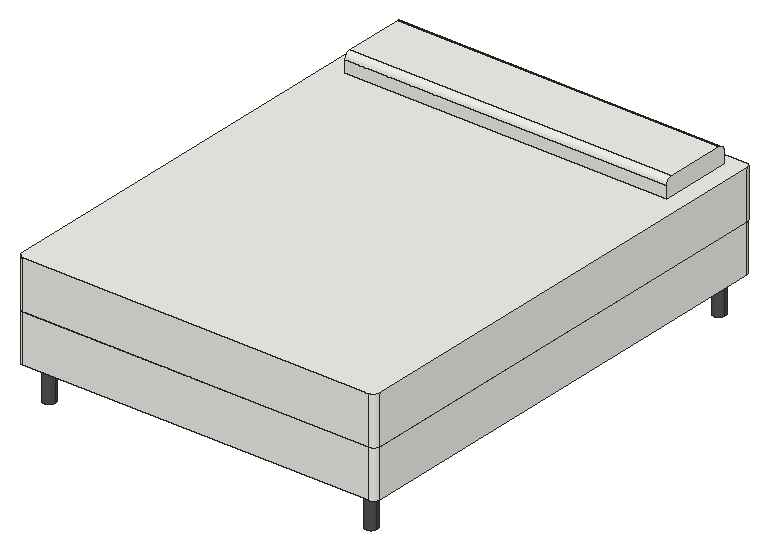
Revit family "92fd843dad8f4688bcbe97e443cbcab4", category Furniture, Revit 2021
Family settings
  OmniClass Number = 23.40.20.17.14.11
  OmniClass Title = Beds
  Seek Item ID = Bed-Standard-0000-USA-ENU
  Work Plane-Based = No
  Always vertical = Yes
  Cut with Voids When Loaded = No
  Shared = No
  Room Calculation Point = No
Parameters (values of type "Queen 60" x 79"")
  Default Elevation = 0' - 0"
  Assembly Code = "E2020200"
  Leg Material = Steel, Chrome Plated
  Length = 6' - 7"
  Mattress Material = Linen, White
  Width = 5' - 0"
Types (5): name | Length | Width
  (no name) | 6' - 7" | 5' - 0"
  Double 54" x 75" | 6' - 3" | 4' - 6"
  Twin 38" x 75" | 6' - 3" | 3' - 2"
  Queen 60" x 79" | 6' - 7" | 5' - 0"
  King 78" x 80" | 6' - 8" | 6' - 6"
Reference planes (in)
  plane 1 "Center (Front/Back)": y = -1.79508
  plane 2: z = 0
  plane 3 "Center (Left/Right)": x = 10.68852
  plane 4: y = 37.70492
  plane 5: y = -41.29508
  plane 6: x = 40.68852
  plane 7: x = -19.31148
  plane 8: x = -16.31148
  plane 9: x = 37.68852
  plane 10: y = 34.70492
  plane 11: y = -38.29508
  plane 12: x = -16.31148
  plane 13: x = 37.68852
Forms (in)
  Extrusion 1, solid, material "Linen, White"
    sketch origin (0, 0, 14) x (1, 0, 0) y (0, 1, 0)
      loop
        line (39.68852, 37.70492) -> (-18.31148, 37.70492)
        arc (-18.31148, 37.70492) -> (-19.01858, 37.41202) -> (-19.31148, 36.70492) r 1
        line (-19.31148, 36.70492) -> (-19.31148, -40.29508)
        arc (-19.31148, -40.29508) -> (-19.01858, -41.00219) -> (-18.31148, -41.29508) r 1
        line (-18.31148, -41.29508) -> (39.68852, -41.29508)
        arc (39.68852, -41.29508) -> (40.39563, -41.00219) -> (40.68852, -40.29508) r 1
        line (40.68852, -40.29508) -> (40.68852, 36.70492)
        arc (40.68852, 36.70492) -> (40.39563, 37.41202) -> (39.68852, 37.70492) r 1
    from 0 to 8
  Extrusion 2, solid, material "Steel, Chrome Plated"
    sketch origin (0, 0, 0) x (1, 0, 0) y (0, 1, 0)
      loop
        circle (-16.31148, 34.70492) r 1
      loop
        circle (37.68852, 34.70492) r 1
      loop
        circle (37.68852, -38.29508) r 1
      loop
        circle (-16.31148, -38.29508) r 1
    from 0 to 6
  Extrusion 3, solid, material "Linen, White"
    sketch origin (40.68852, 0, 0) x (0, -1, 0) y (0, 0, 1)
      loop
        line (-35.70492, 22) -> (-23.70492, 22) -> (-23.70492, 24)
        arc (-23.70492, 24) -> (-23.99781, 24.70711) -> (-24.70492, 25) r 1
        line (-24.70492, 25) -> (-34.70492, 25)
        arc (-34.70492, 25) -> (-35.41202, 24.70711) -> (-35.70492, 24) r 1
        line (-35.70492, 24) -> (-35.70492, 22)
    from 3 to 57
  Extrusion 4, solid, material "Linen, White"
    sketch origin (0, 0, 0) x (1, 0, 0) y (0, 1, 0)
      loop
        line (-19.31148, 36.70492) -> (-19.31148, -40.29508)
        arc (-19.31148, -40.29508) -> (-19.01858, -41.00219) -> (-18.31148, -41.29508) r 1
        line (-18.31148, -41.29508) -> (39.68852, -41.29508)
        arc (39.68852, -41.29508) -> (40.39563, -41.00219) -> (40.68852, -40.29508) r 1
        line (40.68852, -40.29508) -> (40.68852, 36.70492)
        arc (40.68852, 36.70492) -> (40.39563, 37.41202) -> (39.68852, 37.70492) r 1
        line (39.68852, 37.70492) -> (-18.31148, 37.70492)
        arc (-18.31148, 37.70492) -> (-19.01858, 37.41202) -> (-19.31148, 36.70492) r 1
    from 6 to 14
Lines and regions (in)
  Masking region 1
    outline origin (0, 0, 0) x (1, 0, 0) y (0, 1, 0)
      loop
        line (-19.31148, 37.70492) -> (-19.31148, -41.29508) -> (40.68852, -41.29508) -> (40.68852, 37.70492) -> (-19.31148, 37.70492)
  symbolic lines
    curve 1: line (-16.31148, 35.70492, 0) -> (37.68852, 35.70492, 0)
    curve 2: line (-16.31148, 35.70492, 0) -> (-16.31148, 23.70492, 0)
    curve 3: line (-16.31148, 23.70492, 0) -> (37.68852, 23.70492, 0)
    curve 4: line (37.68852, 35.70492, 0) -> (37.68852, 23.70492, 0)
    curve 5: line (40.68852, 23.70492, 0) -> (-19.31148, 15.1253, 0)
Dimensions and locks (in)
  equal spacing: plane 7, plane 3 "Center (Left/Right)", plane 6
  equal spacing: plane 5, plane 1 "Center (Front/Back)", plane 4
  "Width": plane 7 to plane 6
  "Length": plane 5 to plane 4
  locked: plane 10 to plane 4 at 3
  locked: plane 5 to plane 11 at 3
  locked: plane 7 to plane 8 at 3
  locked: plane 9 to plane 6 at 3
  locked: plane 7 to plane 12 at 3
  locked: plane 13 to plane 6 at 3
  aligned and locked: Masking region 1 sketch curve to plane 7
  aligned and locked: plane 6 to Masking region 1 sketch curve
  aligned and locked: plane 4 to Masking region 1 sketch curve
  aligned and locked: Masking region 1 sketch curve to plane 5
  aligned and locked: plane 12 to Extrusion 3
  aligned and locked: plane 12 to curve 2
  aligned and locked: Extrusion 3 to plane 13
  aligned and locked: plane 13 to curve 4
  aligned and locked: plane 7 to Extrusion 1 sketch curve
  aligned and locked: Extrusion 1 sketch curve to plane 6
  aligned and locked: Extrusion 1 sketch curve to plane 4
  aligned and locked: plane 5 to Extrusion 1 sketch curve
  aligned and locked: Extrusion 4 sketch curve to plane 4
  aligned and locked: plane 7 to Extrusion 4 sketch curve
  aligned and locked: plane 5 to Extrusion 4 sketch curve
  aligned and locked: Extrusion 4 sketch curve to plane 6
Automatic sketch dimensions
  Extrusion 2 sketch curve to plane 11 = 0' - 0"  (x2)
  Extrusion 2 sketch curve to plane 8 = 0' - 0"  (x2)
  Extrusion 2 sketch curve to plane 10 = 0' - 0"  (x2)
  Extrusion 2 sketch curve to plane 9 = 0' - 0"  (x2)
  Extrusion 2 sketch curve to Extrusion 2 sketch curve = 0' - 1"  (x2)
  Extrusion 2 sketch curve to plane 7 = 0' - 2"
  plane 9 to Extrusion 2 sketch curve = 0' - 1"
  plane 4 to Extrusion 3 sketch curve = 0' - 2"
  Extrusion 3 sketch curve to Extrusion 3 sketch curve = 0' - 1"  (x2)
  Extrusion 3 sketch curve to Extrusion 3 sketch curve = 0' - 2"
  Extrusion 3 sketch curve to Extrusion 3 sketch curve = 0' - 10"
  level to Extrusion 3 sketch curve = 1' - 10"
  curve 5 to plane 1 "Center (Front/Back)" = 1' - 4.92038"
  plane 4 to curve 4 = 1' - 2"
  curve 5 to curve 3 = 0' - 0"
  plane 4 to curve 1 = 0' - 2"
  curve 5 to plane 7 = 0' - 0"
  curve 5 to plane 6 = 0' - 0"
  Extrusion 1 sketch curve to plane 7 = 0' - 1"  (x2)
  plane 6 to Extrusion 1 sketch curve = 0' - 1"
  plane 4 to Extrusion 1 sketch curve = 0' - 1"
  Extrusion 4 sketch curve to Extrusion 4 sketch curve = 0' - 1"  (x2)
  plane 6 to Extrusion 4 sketch curve = 0' - 1"
  plane 4 to Extrusion 4 sketch curve = 0' - 1"
